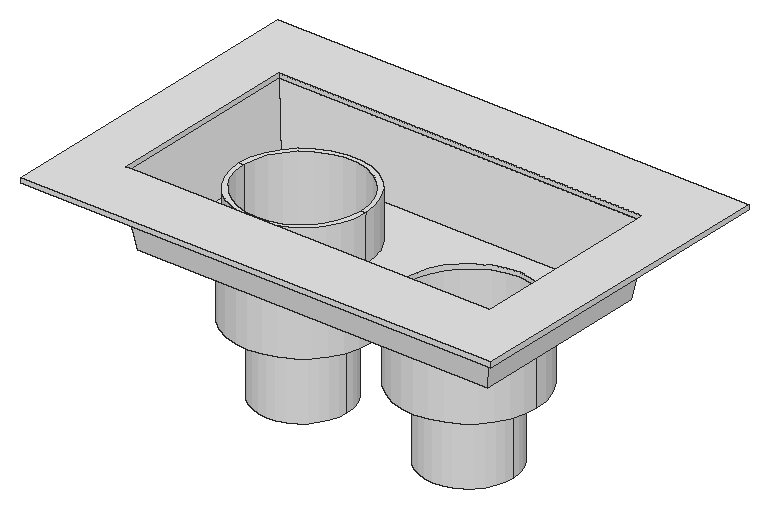
Revit family "Viking Roofspec Sump 04 M18", category Pipe Fittings, host Face, Revit 2021
Family settings
  Host = Face
  Round Connector Dimension = Use Diameter
  Part Type = Cap
  Cut with Voids When Loaded = No
  Shared = No
Parameters (values of type "Sumps - (with Weldable Flange) - IMR400T 475x292x70mmd+150mm outlet")
  URL = "www.vikingroofspec.co.nz"
  Type Comments = "Viking Roofspec sump / overflow IMR400T TPO weldable, installed as per manufacturers instructions."
  Pipe Diameter = 150 mm
  Overall Height = 220 mm
  Offset Pipe2 = 89.8 mm
  Offset Pipe1 = 86.7 mm
  Model = "IMR400T"
  Material = Viking Roofspec - Plastic White
  Manufacturer = "Viking Roofspec"  # constant formula
  Flow Out = 7.6 L/s
  Flange Cut Width = 292 mm
  Flange Cut Length = 450 mm
  Default Elevation = 0 mm
  Component = IMR400T : IMR400T
Reference planes
  plane 1 "Center (Front/Back)": y = 0
  plane 2: z = 0
  plane 3 "Center (Left/Right)": x = 0
  plane 4 "Pipe Connector": z = -220
  plane 5: x = -225
  plane 6: x = 225
  plane 7: y = -146
  plane 8: y = 146
Forms (mm)
  Extrusion 1, void
    sketch origin (0, 0, 0) x (1, 0, 0) y (0, 1, 0)
      loop
        circle (0, 0) r 115
    from -4 to 0
  Extrusion 2, void
    sketch origin (0, 0, 0) x (1, 0, 0) y (0, 1, 0)
      loop
        line (-225, 146) -> (-225, -146) -> (225, -146) -> (225, 146) -> (-225, 146)
    from 0 to -5
  Extrusion 3, void
    sketch origin (0, 0, 0) x (1, 0, 0) y (0, 1, 0)
      loop
        line (-200, 121) -> (-200, -121) -> (200, -121) -> (200, 121) -> (-200, 121)
    from 0 to -220
  Extrusion 4, solid, not visible
    sketch origin (0, 0, -220) x (0, -1, 0) y (1, 0, 0)
      loop
        circle (0, -86.7) r 35
    from 0 to 1
  Extrusion 5, solid, not visible
    sketch origin (149.817, 0, -220) x (0, -1, 0) y (1, 0, 0)
      loop
        circle (0, -60.017) r 35
    from 0 to 1
Dimensions and locks
  "Overall Height": host face to plane 4 "Pipe Connector"
  equal spacing: plane 5, plane 3 "Center (Left/Right)", plane 6
  equal spacing: plane 8, plane 1 "Center (Front/Back)", plane 7
  "Flange Cut Length": plane 5 to plane 6
  "Flange Cut Width": plane 8 to plane 7
  locked: plane 8 to Extrusion 3 sketch curve at 25
  locked: Extrusion 3 sketch curve to plane 7 at 25
  locked: plane 5 to Extrusion 3 sketch curve at 25
  locked: Extrusion 3 sketch curve to plane 6 at 25
  "Offset Pipe1": Extrusion 4 sketch curve to nested 1
  "Offset Pipe2": nested 1 to Extrusion 5 sketch curve
  diameter of Extrusion 1 sketch curve = 230 mm
  aligned and locked: plane 2 to host face
  aligned and locked: level to host face
  aligned and locked: Extrusion 2 to plane 5
  aligned and locked: plane 8 to Extrusion 2
  aligned and locked: plane 6 to Extrusion 2
  aligned and locked: Extrusion 2 to plane 7
  aligned and locked: Extrusion 3 to plane 4 "Pipe Connector"
Automatic sketch dimensions
  host sketch curve to host sketch curve = 2438.4 mm  (x2)
  plane 1 "Center (Front/Back)" to Extrusion 1 sketch curve = 0 mm
  Extrusion 1 sketch curve to plane 3 "Center (Left/Right)" = 0 mm
  Extrusion 2 sketch curve to plane 5 = 0 mm
  Extrusion 2 sketch curve to plane 6 = 0 mm
  Extrusion 2 sketch curve to plane 7 = 0 mm
  Extrusion 2 sketch curve to plane 8 = 0 mm
  plane 1 "Center (Front/Back)" to Extrusion 4 sketch curve = 0 mm
  plane 1 "Center (Front/Back)" to Extrusion 5 sketch curve = 0 mm
  radius of Extrusion 4 sketch curve = 35 mm
  radius of Extrusion 5 sketch curve = 35 mm
Nested families
  nested 1: "IMR400T" at (0, 0, 0), type <- "Component", Material <- "Material", type "IMR400T"
Connectors
  piping at (89.8, 0, -220), diameter 150, driven by "Pipe Diameter", driven by "Flow Out"
    settings: on Extrusion 5, index 4, connector inside diameter 609.6 mm, connector length 0 mm, flow factor 0, pipe flow 7.6 L/s, pressure drop 0.0 Pa, fitting loss kfactor 0, connector angle 0.00°, fixture units 0, engagement length 0 mm, angle of deflection 0.00°, flow configuration 1, flow direction 2, fitting loss method 4, system type 16, joint type 0, gender type 0, connector reference index -1, connector utility 0, adjustable connector no, is connector primary yes, connector description "Sump"
  piping at (-86.7, 0, -220), diameter 150, driven by "Pipe Diameter", driven by "Flow Out"
    settings: on Extrusion 4, index 5, connector inside diameter 609.6 mm, connector length 0 mm, flow factor 0, pipe flow 7.6 L/s, pressure drop 0.0 Pa, fitting loss kfactor 0, connector angle 0.00°, fixture units 0, engagement length 0 mm, angle of deflection 0.00°, flow configuration 1, flow direction 2, fitting loss method 4, system type 16, joint type 0, gender type 0, connector reference index -1, connector utility 0, adjustable connector no, is connector primary no, connector description "Sump Overflow"
Definition of nested family "IMR400T"
  Parameters (values of type "IMR400T")
    Material [instance] = none
    Default Elevation = 1219.2 mm
  Reference planes
    plane 1 "Center (Front/Back)": y = 0
    plane 2: z = 0
    plane 3 "Center (Left/Right)": x = 0
  Forms (mm)
    Revolve 1, solid, material <- "Material"
      sketch origin (-516.73, 0, 0) x (1, 0, 0) y (0, 0, 1)
        loop
          line (382.502, -144.372) -> (382.502, -220.029) -> (430.002, -220.029) -> (430.002, -75.05) -> (357.504, -75.05) -> (357.504, -144.372) -> (382.502, -144.372)
        axis (430.002, -220.029) -> (430.002, -75.05)
      angle from 0 to 360
    Extrusion 2, solid, material <- "Material"
      sketch origin (0, 0, 0) x (0, 1, 0) y (0, 0, 1)
        loop
          line (-146, 0) -> (-146, -5) -> (-106, -5) -> (-94.473, -75.05) -> (94.473, -75.05) -> (106, -5) -> (146, -5) -> (146, 0) -> (-146, 0)
      from -224.883 to 225.117
    Extrusion 3, void
      sketch origin (0, 0, 0) x (1, 0, 0) y (0, 0, 1)
        loop
          line (-243.545, -5) -> (-243.545, -89.344) -> (-183.503, -89.344) -> (-197.383, -5) -> (-243.545, -5)
      from -198.718 to 250
    Extrusion 4, void
      sketch origin (0, 0, 0) x (-1, 0, 0) y (0, 0, -1)
        loop
          line (-243.545, 5) -> (-197.617, 5) -> (-182.961, 94.063) -> (-243.545, 94.063) -> (-243.545, 5)
      from -198.718 to 250
    Blend 5, void
      base sketch origin (0, 0, 0) x (1, 0, 0) y (0, 1, 0)
        loop
          line (-193.183, 101.8) -> (-193.183, -101.8) -> (193.417, -101.8) -> (193.417, 101.8) -> (-193.183, 101.8)
      top sketch origin (0, 0, 0) x (1, 0, 0) y (0, 1, 0)
        loop
          line (-181.618, 90.235) -> (-181.618, -90.235) -> (181.873, -90.235) -> (181.873, 90.235) -> (-181.618, 90.235)
      from 0 to -70.05
    Extrusion 6, void
      sketch origin (-165.857, 0, 0) x (1, 0, 0) y (0, 1, 0)
        loop
          circle (79.128, 0) r 67.5
      from -70.05 to -139.372
    Revolve 7, solid, material <- "Material"
      sketch origin (-340.158, 0, 0) x (1, 0, 0) y (0, 0, 1)
        loop
          line (382.502, -144.372) -> (382.502, -220.029) -> (430.002, -220.029) -> (430.002, -75.05) -> (357.504, -75.05) -> (357.504, -144.372) -> (382.502, -144.372)
        axis (430.002, -220.029) -> (430.002, -75.05)
      angle from 0 to 360
    Revolve 8, solid, material <- "Material"
      sketch origin (2.339, 0, 0) x (1, 0, 0) y (0, 0, 1)
        loop
          line (-156.567, -22.47) -> (-156.567, -105.878) -> (-151.567, -105.878) -> (-151.567, -22.47) -> (-156.567, -22.47)
        axis (-89.067, -22.47) -> (-89.067, -105.878)
      angle from 0 to 360
    Extrusion 9, void
      sketch origin (10.695, 0, 0) x (1, 0, 0) y (0, 1, 0)
        loop
          circle (79.128, 0) r 67.5
      from -70.05 to -139.372
    Extrusion 10, solid, material <- "Material"
      sketch origin (0, 0, 0) x (1, 0, 0) y (0, 1, 0)
        loop
          line (-249.883, 171) -> (-249.883, -171) -> (250.117, -171) -> (250.117, 171) -> (-249.883, 171)
        loop
          line (193.417, -101.8) -> (193.417, 101.8) -> (-193.183, 101.8) -> (-193.183, -101.8) -> (193.417, -101.8)
      from 0 to 5
  Cuts and joins
    Extrusion 6, Extrusion 9 cuts Revolve 1
    Extrusion 3, Extrusion 4, Blend 5, Extrusion 6, Extrusion 9 cuts Extrusion 2
    joined: Revolve 1, Extrusion 2
    Extrusion 9 cuts Revolve 7
  Dimensions and locks
    aligned and locked: level to plane 2
  Nested families
    nested 1: "Viking Roofspec - Sump Detail" at (0, -91.5, 0) x (0, 1, 0) z (1, 0, 0), type "IMR400 475x292x70mm deep"
  Definition of nested family "Viking Roofspec - Sump Detail"
    Parameters (values of type "IMR100 450x300x164mm deep")
      URL = "www.vikingroofspec.co.nz"
      Type Comments = "Viking Roofspec sump IMR100, installed as per manufacturers instructions."
      Model = "IMR100"
      Manufacturer = "Viking Roofspec"  # constant formula
      Component = IMR100 : IMR100
    Types (4, lengths in mm): name | Type Comments | Model | Component
      IMR100 450x300x164mm deep | "Viking Roofspec sump IMR100, installed as per manufacturers instructions." | "IMR100" | IMR100 : IMR100
      IMR120 450x300x200mm deep | "Viking Roofspec sump IMR120, installed as per manufacturers instructions." | "IMR120" | IMR120 : IMR120
      IMR130 580x380x249mm deep | "Viking Roofspec sump IMR130, installed as per manufacturers instructions." | "IMR130" | IMR130 : IMR130
      IMR400 475x292x70mm deep | "Viking Roofspec sump IMR400, installed as per manufacturers instructions." | "IMR400" | IMR400 : IMR400
    Reference planes
      plane 1 "Center (Front/Back)": y = 0
      plane 2: z = 0
      plane 3 "Center (Left/Right)": x = 0
    Nested families
      nested 1: "IMR100" at (0, 0, 0), type <- "Component", type "IMR100", in view "Ref. Level"
      nested 2: "IMR100" at (0, 0, 0), type <- "Component", type "IMR100", in view "Ref. Level"
      nested 3: "IMR100" at (0, 0, 0), type <- "Component", type "IMR100", in view "Ref. Level"
      nested 4: "IMR100" at (0, 0, 0), type <- "Component", type "IMR100", in view "Ref. Level"
    Definition of nested family "IMR100"
      Parameters (values of type "IMR100")
        URL = "www.vikingroofspec.co.nz"
        Type Comments = "Viking Roofspec aluminium termination flashing IMT708 and pressure bar IMT709, installed as per manufacturers instructions."
        Model = "IMT708/709"
        Manufacturer = "Viking Roofspec"  # constant formula
      Reference planes
        plane 1 "Center (Front/Back)": y = 0
        plane 2: z = 0
        plane 3 "Center (Left/Right)": x = 0
      Lines and regions (mm)
        Filled region 1, type "Plastic", in view "Ref. Level"
          outline origin (-880.6, -806.918, 0) x (1, 0, 0) y (0, 1, 0)
            loop
              arc (699.573, 647.729) -> (701.179, 644.486) -> (704.553, 643.177) r 5
              line (704.553, 643.177) -> (762.351, 643.177) -> (762.351, 582.001)
              arc (762.351, 582.001) -> (763.815, 578.465) -> (767.351, 577.001) r 5
              line (767.351, 577.001) -> (774.748, 577.001) -> (774.748, 510.001) -> (779.748, 510.001) -> (779.748, 582.001) -> (767.351, 582.001) -> (767.351, 648.177) -> (704.553, 648.177) -> (690.288, 806.918) -> (655.717, 806.918) -> (655.717, 801.918) -> (685.717, 801.918) -> (699.573, 647.729)
            loop
              line (1105.717, 801.918) -> (1105.717, 806.918) -> (1070.913, 806.918) -> (1064.569, 648.177) -> (1002.107, 648.177) -> (1002.107, 582.001) -> (989.71, 582.001) -> (989.71, 510.001) -> (994.71, 510.001) -> (994.71, 577.001) -> (1002.107, 577.001)
              arc (1002.107, 577.001) -> (1005.642, 578.465) -> (1007.107, 582.001) r 5
              line (1007.107, 582.001) -> (1007.107, 643.177) -> (1064.575, 643.177)
              arc (1064.575, 643.177) -> (1067.949, 644.486) -> (1069.555, 647.729) r 5
              line (1069.555, 647.729) -> (1075.717, 801.918) -> (1105.717, 801.918)
            loop
              line (924.748, 510.001) -> (929.748, 510.001) -> (929.748, 582.001) -> (917.351, 582.001) -> (917.351, 648.177) -> (852.107, 648.177) -> (852.107, 582.001) -> (839.71, 582.001) -> (839.71, 510.001) -> (844.71, 510.001) -> (844.71, 577.001) -> (852.107, 577.001)
              arc (852.107, 577.001) -> (855.642, 578.465) -> (857.107, 582.001) r 5
              line (857.107, 582.001) -> (857.107, 643.177) -> (912.351, 643.177) -> (912.351, 582.001)
              arc (912.351, 582.001) -> (913.815, 578.465) -> (917.351, 577.001) r 5
              line (917.351, 577.001) -> (924.748, 577.001) -> (924.748, 510.001)
        Filled region 2, type "Plastic", in view "Ref. Level"
          outline origin (-880.6, -806.918, 0) x (1, 0, 0) y (0, 1, 0)
            loop
              line (767.351, 621.969) -> (772.351, 621.969) -> (772.351, 775.682) -> (767.351, 775.682) -> (767.351, 621.969)
            loop
              line (852.107, 775.682) -> (847.107, 775.682) -> (847.107, 621.969) -> (852.107, 621.969) -> (852.107, 775.682)
        Masking region 1, in view "Ref. Level"
          outline origin (-880.6, -806.918, 0) x (1, 0, 0) y (0, 1, 0)
            loop
              line (690.288, 806.918) -> (704.553, 648.177) -> (767.351, 648.177) -> (767.351, 582.001) -> (779.748, 582.001) -> (779.748, 510.001) -> (839.71, 510.001) -> (839.71, 582.001) -> (852.107, 582.001) -> (852.107, 648.177) -> (917.351, 648.177) -> (917.351, 582.001) -> (929.748, 582.001) -> (929.748, 510.001) -> (989.71, 510.001) -> (989.71, 582.001) -> (1002.107, 582.001) -> (1002.107, 648.177) -> (1064.569, 648.177) -> (1070.913, 806.918) -> (690.288, 806.918)
        detail lines, in view "Ref. Level"
          curve 1: line (-108.25, -31.235, 0) -> (-33.494, -31.235, 0)
          curve 2: line (-33.494, -184.949, 0) -> (-108.25, -184.949, 0)
          curve 3: line (-100.853, -224.917, 0) -> (-40.971, -224.917, 0)
          curve 4: line (49.147, -224.917, 0) -> (109.109, -224.917, 0)
          curve 5: line (36.751, -158.741, 0) -> (121.506, -158.741, 0)
